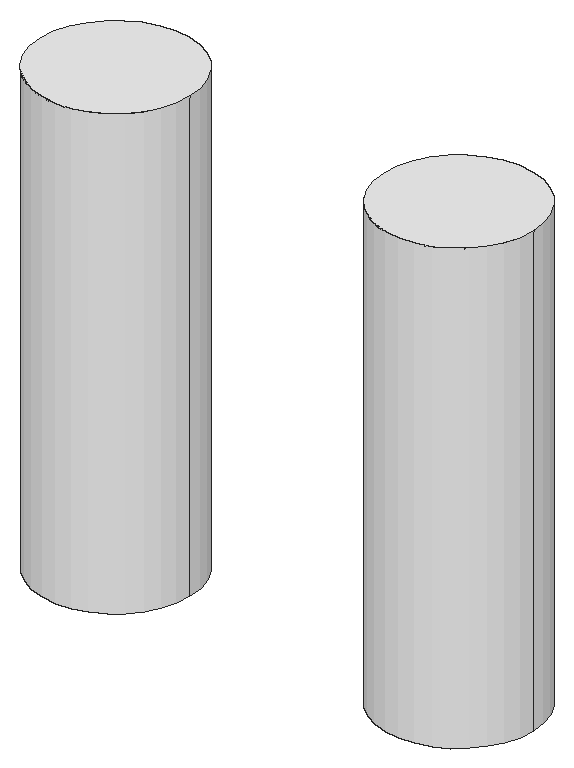
Revit family "5142229300056(2022)", category Plumbing Fixtures, Revit 2020
Family settings
  Round Connector Dimension = Use Diameter
  Part Type = Normal
  OmniClass Number = 23.45.55.00
  OmniClass Title = Sanitary Faucets, Wastes
  Work Plane-Based = No
  Always vertical = Yes
  Cut with Voids When Loaded = No
  Shared = No
  Room Calculation Point = No
Parameters (values of type "5142229300056 Washbasin faucet")
  Working Pressure = "50 - 1000 kPa "
  WarrantyStartDate [instance] = "n/a"
  WarrantyGuarantorParts = "n/a"
  WarrantyGuarantorLabor = "n/a"
  WarrantyDurationUnit = "Year"
  WarrantyDurationParts = "n/a"
  WarrantyDurationLabor = "n/a"
  WarrantyDescription = "http://warranty.hansa.com"
  Warranty Information URL = "http://warranty.hansa.com"
  VersionDate = "01/06/2023"
  Version = "1"
  ValvePattern = "n/a"
  ValveOperation = "n/a"
  ValveMechanism = "n/a"
  Uniclass2015Reference = "Pr_40_20_87_96"
  Uniclass2015Description = "Washbasin manual water supply sets"
  Uniclass2 = "Pr_40_30_96_96"
  URL UWL = "http://static.hansa.com/UWL/5142229300056"
  URL REACH = "http://static.hansa.com/doc/reach"
  URL Materials Declaration = "http://www.hansa.com/fileadmin/resources/166362_5142229300056_materialsdeclaration.pdf"
  URL KIWA SE Type Approval = "http://static.hansa.com/KIWASETypeApproval/5142229300056"
  URL KIWA SE Energy Mark = "http://static.hansa.com/KIWASEEnergyMark/5142229300056"
  URL Environmental Product Declaration EPD = "http://www.hansa.com/fileadmin/resources/184523_EPD_Washbasin faucet.pdf"
  URL EcoLabel Declaration = "http://static.hansa.com/doc/EcoLabel"
  URL EU Packaging Declaration = "http://static.hansa.com/doc/packaging"
  URL Declaration of SCIP = "http://static.hansa.com/doc/SCIP"
  URL Declaration of Conformity = "http://static.hansa.com/DoC/5142229300056"
  URL Declaration of Asbestos = "http://static.hansa.com/doc/asbestos"
  URL Declaration Of Performance (DOP) = "http://static.hansa.com/doc/DoP"
  URL = ""
  UNSPSC Class Number = "30181700 Faucets or taps"
  TestPressure = "n/a"
  Temperature Adjustments = "Limitation option for maximum temperature and flow-rate ;Energy saving variation - cold water in the middle position"
  Technical DataSheet URL = "http://www.hansa.com/datasheet/5142229300056/en"
  TagNumber [instance] = "n/a"
  SustainabilityPerformance = "n/a"
  Surface treatment = "Chrome"
  Spout Type = "Fixed spout"
  Spout Projection = "103 mm"
  Size = "137x48,5x137 mm"
  Shape = "Sculptured"
  SerialNumber [instance] = "n/a"
  Sales Package dimensions (LxWxH) = "540 x 146 x 59"
  Revision = "n/a"
  ReplacementCost = "n/a"
  ProductInformation = "n/a"
  Product URL = "http://static.hansa.com/5142229300056"
  Product Image URL = "http://static.hansa.com/image/5142229300056"
  Product Family = "HANSAPOLO Eco"
  Product Code = "5142229300056"
  OperatingMechanismMaterial = "n/a"
  NominalWidth = 48.5 mm
  NominalHeight = 137 mm
  NominalDepth = 137 mm
  Noise Class = "I (ISO 3822)"
  Name_en = "5142229300056 Washbasin faucet"
  Name = "5142229300056 Washbasin faucet"
  NBSReference = "45-35-70/371"
  NBSDescription = "Water supply fittings for wash basins and troughs"
  Mounting Holes = "1 hole"
  ModelReference = "5142229300056"
  ModelNumber = "n/a"
  Model = "5142229300056 Washbasin faucet"
  Mobile Product Information URL = "http://mpi.hansa.com/5142229300056"
  Mechanical Parts = "ø 35 mm ceramic eco cartridge for flow and temperature control"
  Max. Hot Water Supply = 70 °C
  Material = "Brass"
  Market = "International;Germany;Austria;Belgium;Netherlands;Czech Republic;Slovakia;Italy"
  ManufacturerURL = "http://www.hansa.com"
  ManufacturerName = "HANSA"
  Manufacturer = "HANSA"
  Lever Handle = "Single operating lever/handle;Hot/Cold symbols"
  Interactive AR View URL = "https://static.hansa.com/AR/5142229300056"
  InstallationDate [instance] = "n/a"
  Installation and Maintenance Guide URL = "http://static.hansa.com/manual/5142229300056"
  Installation Type = "Deck mounted"
  InletConnectionSize = 10 mm
  IfcExportType = "FAUCET"  # constant formula
  IfcExportAs = "IfcValveType"  # constant formula
  Group = "Washbasin faucet"
  Grade = "n/a"
  FlowCoefficient = 0
  Flow Rate At 300kPa With Flow Controller = 0.07 L/s
  Flow Drawing URL = "http://static.hansa.com/flowchart/5142229300056"
  Finish = "Polished"
  Features = "Single-lever;"
  FaucetMainMaterial = Brass
  FDV Document URL = "http://www.hansa.com/datasheet/5142229300056/en/fdv"
  Extensions = "Chain holder without chain"
  ExpectedLife = "n/a"
  Excluded Items = "Without pop-up waste;Without draw-rod opening"
  Eco Flow At 300kPa = 0.05 L/s
  ETIM Class Number = "EC011328 Washbasin mixing tap"
  EN Standard = "EN 817"
  EAN Number = "4057304018381"
  DurationUnit = "Year"
  Dimension Drawing URL = "http://static.hansa.com/dimdrw/5142229300056"
  Description = ""
  DefaultElevation [instance] = 900 mm
  Default Elevation = 0 mm
  Constituents = "Single lever"
  Connection Size = "G3/8"
  Connection = "Flexible inlet pipes"
  Color = "Chrome"
  CodePerformance = "n/a"
  CloseOffRating = 0
  Catalog Drawing URL = "http://static.hansa.com/catdrw/5142229300056"
  CO2 Emissions (D) = -4.36
  CO2 Emissions (C4) = 0.05
  CO2 Emissions (C3) = 0.01
  CO2 Emissions (C2) = 0.01
  CO2 Emissions (B7) = 927
  CO2 Emissions (A4) = 0.17
  CO2 Emissions (A1-A3) = 6.13
  Brand = "HANSA"
  BodyMaterial = "Brass"
  Barcode [instance] = "n/a"
  Backflow Prevention EN1717 = "AA"
  BIMObjectName = "5142229300056(2022)"
  Author = "BIMStone"
  AssetType = "Fixed"
  AssetIdentifier [instance] = "n/a"
  Approval KIWA SE Type Approval = "1441"
  Approval KIWA SE Energy Mark = "1536"
  Aerator = "PCA® - constant flow rate regardless of pressure variations"
  Advanced Features = "Inner body made of DZR brass"
  AccessibilityPerformance = "n/a"
  3D View = "https://static.hansa.com/AR/5142229300056"
  2D/3D/BIM Files URL = "http://static.hansa.com/bim/5142229300056"
Reference planes
  plane 1 "Center (Front/Back)": y = 0
  plane 2: z = 0
  plane 3 "Center (Left/Right)": x = 0
  plane 4: x = -24.25
  plane 5: z = 1037
  plane 6: z = 900
  plane 7: z = 870
  plane 8: y = -137
  plane 9: x = 24.25
Forms (mm)
  Extrusion 1, solid, material "Brass" <- "FaucetMainMaterial"
    sketch origin (0, 0, 0) x (1, 0, 0) y (0, 1, 0)
      loop
        circle (-11.5, -22.5) r 5
      loop
        circle (11.5, -22.5) r 5
    from 870 to 900
Dimensions and locks
  "NominalHeight": plane 5 to plane 6
  "DefaultElevation": plane 6 to level
  locked: plane 6 to plane 7 at 30
  "NominalDepth": plane 8 to plane 1 "Center (Front/Back)"
  equal spacing: plane 4, plane 3 "Center (Left/Right)", plane 9
  "NominalWidth": plane 4 to plane 9
  "InletConnectionSize": diameter of Extrusion 1 sketch curve  (x2)
  aligned and locked: level to plane 2
  aligned and locked: plane 6 to Extrusion 1
  aligned and locked: Extrusion 1 to plane 7
  aligned and locked: plane 1 "Center (Front/Back)" to nested 2
  aligned and locked: plane 3 "Center (Left/Right)" to nested 2
  aligned and locked: plane 6 to nested 2
Automatic sketch dimensions
  Extrusion 1 sketch curve to plane 3 "Center (Left/Right)" = 11.5 mm
  plane 3 "Center (Left/Right)" to Extrusion 1 sketch curve = 11.5 mm
  plane 1 "Center (Front/Back)" to Extrusion 1 sketch curve = 22.5 mm  (x2)
Nested families
  nested 1: "Symbol" at (0, 0, 0), type "Symbol", detail levels coarse
  nested 2: "5142229300056(2022)_p" at (0, 0, 900), type "5142229300056(2022)_p"
Connectors
  piping at (-11.5, -22.5, 870), diameter 10, driven by "InletConnectionSize"
    settings: on Extrusion 1, index 1, connector inside diameter 609.6 mm, connector length 0 mm, flow factor 0, pipe flow 0.07 L/s, pressure drop 0.0 Pa, fitting loss kfactor 0, connector angle 0.00°, fixture units 0, engagement length 0 mm, angle of deflection 0.00°, flow configuration 1, flow direction 1, fitting loss method 0, system type 19, joint type 0, gender type 0, connector reference index -1, connector utility 0, adjustable connector no, is connector primary yes, connector description ""
  piping at (11.5, -22.5, 870), diameter 10, driven by "InletConnectionSize"
    settings: on Extrusion 1, index 2, connector inside diameter 609.6 mm, connector length 0 mm, flow factor 0, pipe flow 0.07 L/s, pressure drop 0.0 Pa, fitting loss kfactor 0, connector angle 0.00°, fixture units 0, engagement length 0 mm, angle of deflection 0.00°, flow configuration 1, flow direction 1, fitting loss method 0, system type 20, joint type 0, gender type 0, connector reference index -1, connector utility 0, adjustable connector no, is connector primary no, connector description ""
Definition of nested family "Symbol"
  Reference planes
    plane 1: y = 0
    plane 2: x = 0
  Lines and regions (mm)
    detail lines
      curve 1: line (0, 0, 0) -> (0, -1.8, 0)
      curve 2: line (-0.4, -1.1, 0) -> (0.4, -1.1, 0)
      curve 3: line (-0.4, -1.4, 0) -> (0.4, -1.4, 0)
      curve 4: line (0.863, 0, 0) -> (-0.863, 0, 0)
      curve 5: circle (-1.163, 0, 0) r 0.3 normal (0, 0, -1)
      curve 6: circle (1.163, 0, 0) r 0.3 normal (0, 0, 1)
Definition of nested family "5142229300056(2022)_p"
  Parameters (values of type "5142229300056(2022)_p")
    NominalWidth = 48.5 mm
    NominalHeight = 137 mm
    NominalDepth = 137 mm
    InletConnectionSize = 10 mm
    FaucetMainMaterial = none
    Default Elevation = 0 mm
  Reference planes
    plane 1 "Center (Front/Back)": y = 0
    plane 2: z = 0
    plane 3 "Center (Left/Right)": x = 0
    plane 4: x = -24.25
    plane 5: z = 137
    plane 6: z = 0
    plane 7: y = -137
    plane 8: x = 24.25
  Forms (mm)
    Extrusion 1, solid, material <- "FaucetMainMaterial", detail levels medium
      sketch origin (0, 0, -900) x (0, 1, 0) y (0, 0, 1)
        loop
          line (-11.837, 1037) -> (-124.122, 1037) -> (-122.074, 1028.126) -> (-62.2, 1027.177)
          arc (-62.2, 1027.177) -> (-58.651, 1025.78) -> (-57.131, 1022.282) r 4.983
          line (-57.131, 1022.282) -> (-56.683, 996.618) -> (-137, 989.601) -> (-137, 987.69) -> (-131.699, 983.242) -> (-135.856, 977.305) -> (-116.182, 963.529) -> (-114.062, 966.556) -> (-77.551, 967.193)
          arc (-77.551, 967.193) -> (-59.309, 959.809) -> (-50.685, 942.118) r 27.474
          line (-50.685, 942.118) -> (-47, 900) -> (0, 900) -> (-11.837, 1037)
      from -24.25 to 24.25
    Extrusion 2, solid, material <- "FaucetMainMaterial", detail levels coarse
      sketch origin (0, 0, -900) x (1, 0, 0) y (0, 1, 0)
        loop
          line (-24.25, 0) -> (-24.25, -137) -> (24.25, -137) -> (24.25, 0) -> (-24.25, 0)
      from 900 to 1037
  Lines and regions (mm)
    symbolic lines, detail levels medium+fine
      curve 1: line (0, 0, 0) -> (-23.5, 0, 0)
      curve 2: line (-23.5, 0, 0) -> (-23.5, 0, 98.12)
      curve 3: spline (-24.25, 0, 102.285) -> (-24.238, 0, 102.205) -> (-24.201, 0, 102.125) -> (-24.14, 0, 102.045) -> (-24.055, 0, 101.966) -> (-23.945, 0, 101.886) -> (-23.812, 0, 101.808) -> (-23.654, 0, 101.729) -> (-23.472, 0, 101.651) -> (-23.267, 0, 101.574) -> (-23.039, 0, 101.498) -> (-22.787, 0, 101.422) -> (-22.512, 0, 101.347)
      curve 4: arc (-24.25, 0, 102.285) -> (-23.247, 0, 117.942) -> (-21.807, 0, 133.565) r 561.53
      curve 5: line (-20.482, 0, 135.174) -> (-14.32, 0, 136.261)
      curve 6: arc (-14.32, 0, 136.261) -> (-9.879, 0, 136.835) -> (-5.404, 0, 137) r 48.793
      curve 7: line (-5.404, 0, 137) -> (0, 0, 137)
      curve 9: line (0, 0, 0) -> (23.5, 0, 0)
      curve 10: line (23.5, 0, 0) -> (23.5, 0, 98.12)
      curve 11: spline (24.25, 0, 102.285) -> (24.238, 0, 102.205) -> (24.201, 0, 102.125) -> (24.14, 0, 102.045) -> (24.055, 0, 101.966) -> (23.945, 0, 101.886) -> (23.812, 0, 101.808) -> (23.654, 0, 101.729) -> (23.472, 0, 101.651) -> (23.267, 0, 101.574) -> (23.039, 0, 101.498) -> (22.787, 0, 101.422) -> (22.512, 0, 101.347)
      curve 12: arc (24.249, 0, 102.311) -> (23.246, 0, 117.955) -> (21.807, 0, 133.565) r 561.53
      curve 13: line (20.482, 0, 135.174) -> (14.32, 0, 136.261)
      curve 14: arc (14.32, 0, 136.261) -> (9.879, 0, 136.835) -> (5.404, 0, 137) r 48.793
      curve 15: line (5.404, 0, 137) -> (0, 0, 137)
      curve 16: line (-22.633, 0, 98.988) -> (-22.512, 0, 101.347)
      curve 17: line (22.633, 0, 98.988) -> (22.512, 0, 101.347)
      curve 18: arc (-22.633, 0, 98.988) -> (-23.246, 0, 98.734) -> (-23.5, 0, 98.12) r 0.867
      curve 19: arc (22.633, 0, 98.988) -> (23.246, 0, 98.734) -> (23.5, 0, 98.12) r 0.867
      curve 20: arc (-20.482, 0, 135.174) -> (-21.441, 0, 134.614) -> (-21.807, 0, 133.565) r 1.605
      curve 21: arc (20.482, 0, 135.174) -> (21.441, 0, 134.614) -> (21.807, 0, 133.565) r 1.605
      curve 59: line (0, 0, 0) -> (0, -47, 0)
      curve 60: line (0, -47, 0) -> (0, -50.685, 42.118)
      curve 61: arc (0, -50.685, 42.118) -> (0, -59.309, 59.809) -> (0, -77.551, 67.193) r 27.474
      curve 62: line (0, -77.551, 67.193) -> (0, -109.985, 66.627)
      curve 63: arc (0, -109.985, 66.627) -> (0, -111.706, 66.9) -> (0, -113.23, 67.744) r 5.017
      curve 65: line (0, -136.087, 89.68) -> (0, -56.683, 96.618)
      curve 66: line (0, -56.683, 96.618) -> (0, -57.131, 122.282)
      curve 67: arc (0, -57.131, 122.282) -> (0, -58.651, 125.78) -> (0, -62.2, 127.177) r 4.983
      curve 68: line (0, -62.2, 127.177) -> (0, -118.76, 128.074)
      curve 69: arc (0, -118.76, 128.074) -> (0, -121.312, 128.98) -> (0, -122.794, 131.248) r 4.237
      curve 70: line (0, -122.794, 131.248) -> (0, -123.357, 133.686)
      curve 71: arc (0, -123.357, 133.686) -> (0, -123.101, 134.795) -> (0, -122.07, 135.277) r 1.299
      curve 72: line (0, -122.07, 135.277) -> (0, -83.546, 136.623)
      curve 73: arc (0, -83.546, 136.623) -> (0, -75.229, 136.862) -> (0, -66.91, 137) r 680.589
      curve 74: arc (0, -66.91, 137) -> (0, -40.52, 136.693) -> (0, -14.169, 135.22) r 597.328
      curve 75: arc (0, -14.169, 135.22) -> (0, -13.191, 134.767) -> (0, -12.746, 133.786) r 1.547
      curve 76: line (0, -12.746, 133.786) -> (0, -9.744, 114.834)
      curve 77: line (0, -9.744, 114.834) -> (0, -15.314, 111.619)
      curve 78: arc (0, -15.314, 111.619) -> (0, -12.568, 106.368) -> (0, -11.235, 100.594) r 23.302
      curve 79: arc (0, -137, 88.684) -> (0, -136.737, 89.36) -> (0, -136.087, 89.68) r 1
      curve 80: arc (0, -137, 88.156) -> (0, -136.906, 87.733) -> (0, -136.643, 87.39) r 1
      curve 81: line (0, -137, 88.684) -> (0, -137, 88.156)
      curve 82: line (0, -116.182, 63.529) -> (0, -135.856, 77.305)
      curve 83: line (0, -131.699, 83.242) -> (0, -135.856, 77.305)
      curve 84: line (0, -113.23, 67.744) -> (0, -116.182, 63.529)
      curve 85: line (0, -131.699, 83.242) -> (0, -136.643, 87.39)
      curve 89: line (0, -11.235, 100.594) -> (0, -8.819, 100.805)
      curve 91: line (0, -137, 0) -> (-6.831, -137, 0)
      curve 92: arc (-6.831, -137, 0) -> (-9.954, -136.71, 0) -> (-12.97, -135.849, 0) r 16.95
      curve 93: arc (-12.97, -135.849, 0) -> (-13.9, -135.32, 0) -> (-14.637, -134.545, 0) r 3.659
      curve 94: arc (-14.637, -134.545, 0) -> (-15.74, -132.603, 0) -> (-16.449, -130.485, 0) r 11.565
      curve 95: line (-16.449, -130.485, 0) -> (-22.722, -40.776, 0)
      curve 96: line (0, -137, 0) -> (6.831, -137, 0)
      curve 97: arc (6.831, -137, 0) -> (9.954, -136.71, 0) -> (12.97, -135.849, 0) r 16.95
      curve 98: arc (12.97, -135.849, 0) -> (13.9, -135.32, 0) -> (14.637, -134.545, 0) r 3.659
      curve 99: arc (14.637, -134.545, 0) -> (15.74, -132.603, 0) -> (16.449, -130.485, 0) r 11.565
      curve 100: line (16.449, -130.485, 0) -> (22.722, -40.776, 0)
      curve 102: spline (23.357, -26.09, 0) -> (23.666, -27.298, 0) -> (23.911, -28.52, 0) -> (24.09, -29.752, 0) -> (24.203, -30.993, 0) -> (24.249, -32.237, 0) -> (24.228, -33.482, 0) -> (24.141, -34.725, 0) -> (23.988, -35.961, 0) -> (23.769, -37.187, 0) -> (23.484, -38.401, 0) -> (23.135, -39.598, 0) -> (22.722, -40.776, 0)
      curve 103: arc (23.357, -26.09, 0) -> (0, 0, 0) -> (-23.357, -26.09, 0) r 23.5
      curve 112: spline (-22.722, -40.776, 0) -> (-23.135, -39.598, 0) -> (-23.484, -38.401, 0) -> (-23.769, -37.187, 0) -> (-23.988, -35.961, 0) -> (-24.141, -34.725, 0) -> (-24.228, -33.482, 0) -> (-24.249, -32.237, 0) -> (-24.203, -30.993, 0) -> (-24.09, -29.752, 0) -> (-23.911, -28.52, 0) -> (-23.666, -27.298, 0) -> (-23.357, -26.09, 0)
      curve 117: line (0, 0, 0) -> (0, -8.819, 100.805)
    symbolic lines, detail levels fine
      curve 8: spline (-22.512, 0, 101.347) -> (-19.863, 0, 100.838) -> (-16.168, 0, 100.405) -> (-11.62, 0, 100.071) -> (-6.46, 0, 99.854) -> (-0.96, 0, 99.765) -> (4.591, 0, 99.808) -> (9.899, 0, 99.982) -> (14.687, 0, 100.278) -> (18.7, 0, 100.679) -> (21.728, 0, 101.165) -> (23.611, 0, 101.71) -> (24.25, 0, 102.285)
      curve 22: line (-15.899, 0, 134.548) -> (-15.72, 0, 131.125)
      curve 23: arc (-15.72, 0, 131.125) -> (-14.393, 0, 128.344) -> (-11.489, 0, 127.315) r 4.026
      curve 24: line (-11.489, 0, 127.315) -> (0, 0, 127.315)
      curve 25: arc (-14.32, 0, 136.261) -> (-15.47, 0, 135.737) -> (-15.899, 0, 134.548) r 1.629
      curve 26: line (15.899, 0, 134.548) -> (15.72, 0, 131.125)
      curve 27: arc (15.72, 0, 131.125) -> (14.393, 0, 128.344) -> (11.489, 0, 127.315) r 4.026
      curve 28: line (11.489, 0, 127.315) -> (0, 0, 127.315)
      curve 29: arc (14.32, 0, 136.261) -> (15.47, 0, 135.737) -> (15.899, 0, 134.548) r 1.629
      curve 30: spline (-22.633, 0, 98.988) -> (-21.861, 0, 98.451) -> (-19.6, 0, 97.951) -> (-16.004, 0, 97.522) -> (-11.316, 0, 97.193) -> (-5.858, 0, 96.986) -> (0, 0, 96.915) -> (5.858, 0, 96.986) -> (11.316, 0, 97.193) -> (16.004, 0, 97.522) -> (19.6, 0, 97.951) -> (21.861, 0, 98.451) -> (22.633, 0, 98.988)
      curve 31: spline (10.604, 0, 69.362) -> (10.649, 0, 71.152) -> (9.811, 0, 72.875) -> (8.158, 0, 74.388) -> (5.828, 0, 75.566) -> (3.015, 0, 76.31) -> (-0.049, 0, 76.56) -> (-3.108, 0, 76.294) -> (-5.91, 0, 75.535) -> (-8.221, 0, 74.345) -> (-9.85, 0, 72.823) -> (-10.662, 0, 71.096) -> (-10.589, 0, 69.307)
      curve 32: line (-10.74, 0, 70.347) -> (-10.74, 0, 77.121)
      curve 33: line (10.74, 0, 70.347) -> (10.74, 0, 77.121)
      curve 34: spline (-10.74, 0, 70.633) -> (-11.115, 0, 71.144) -> (-11.425, 0, 71.671) -> (-11.668, 0, 72.211) -> (-11.842, 0, 72.761) -> (-11.948, 0, 73.317) -> (-11.983, 0, 73.877) -> (-11.948, 0, 74.437) -> (-11.842, 0, 74.993) -> (-11.668, 0, 75.543) -> (-11.425, 0, 76.083) -> (-11.115, 0, 76.61) -> (-10.74, 0, 77.121)
      curve 35: line (-11.983, 0, 73.877) -> (-11.983, 0, 76.203)
      curve 36: line (11.983, 0, 73.877) -> (11.983, 0, 76.203)
      curve 37: spline (-11.983, 0, 76.203) -> (-11.574, 0, 78.096) -> (-10.377, 0, 79.86) -> (-8.473, 0, 81.375) -> (-5.991, 0, 82.538) -> (-3.101, 0, 83.269) -> (0, 0, 83.518) -> (3.101, 0, 83.269) -> (5.991, 0, 82.538) -> (8.473, 0, 81.375) -> (10.377, 0, 79.86) -> (11.574, 0, 78.096) -> (11.983, 0, 76.203)
      curve 38: spline (-10.74, 0, 77.121) -> (-9.578, 0, 78.273) -> (-8.088, 0, 79.275) -> (-6.321, 0, 80.092) -> (-4.338, 0, 80.696) -> (-2.207, 0, 81.067) -> (0, 0, 81.192) -> (2.207, 0, 81.067) -> (4.338, 0, 80.696) -> (6.321, 0, 80.092) -> (8.088, 0, 79.275) -> (9.578, 0, 78.273) -> (10.74, 0, 77.121)
      curve 39: spline (10.74, 0, 77.121) -> (11.115, 0, 76.61) -> (11.425, 0, 76.083) -> (11.668, 0, 75.543) -> (11.842, 0, 74.993) -> (11.948, 0, 74.437) -> (11.983, 0, 73.877) -> (11.948, 0, 73.317) -> (11.842, 0, 72.761) -> (11.668, 0, 72.211) -> (11.425, 0, 71.671) -> (11.115, 0, 71.144) -> (10.74, 0, 70.633)
      curve 40: line (-23.5, 0, 98.12) -> (-17.681, 0, 88.808)
      curve 41: line (-17.681, 0, 88.808) -> (-16.86, 0, 87.495)
      curve 42: arc (-16.86, 0, 87.495) -> (-15.964, 0, 86.671) -> (-14.772, 0, 86.423) r 2.289
      curve 43: line (-3.71, 0, 87.138) -> (-14.772, 0, 86.423)
      curve 44: arc (-3.71, 0, 87.138) -> (-1.858, 0, 87.301) -> (0, 0, 87.355) r 31.816
      curve 45: line (23.5, 0, 98.12) -> (16.86, 0, 87.494)
      curve 46: arc (16.86, 0, 87.494) -> (15.963, 0, 86.67) -> (14.77, 0, 86.422) r 2.29
      curve 47: line (3.71, 0, 87.138) -> (14.77, 0, 86.422)
      curve 48: arc (3.71, 0, 87.138) -> (1.858, 0, 87.301) -> (0, 0, 87.355) r 31.816
      curve 49: line (-23.5, 0, 88.518) -> (-18.651, 0, 77.627)
      curve 50: arc (-18.651, 0, 77.627) -> (-15.357, 0, 72.753) -> (-10.589, 0, 69.307) r 16.858
      curve 51: line (23.5, 0, 88.518) -> (18.651, 0, 77.627)
      curve 52: arc (18.651, 0, 77.627) -> (15.357, 0, 72.753) -> (10.589, 0, 69.307) r 16.858
      curve 53: line (-17.103, 0, 84.092) -> (-17.368, 0, 80.229)
      curve 54: arc (-17.368, 0, 80.229) -> (-16.589, 0, 75.346) -> (-13.751, 0, 71.296) r 11.008
      curve 55: arc (-14.772, 0, 86.423) -> (-16.42, 0, 85.741) -> (-17.103, 0, 84.092) r 2.331
      curve 56: line (17.103, 0, 84.092) -> (17.368, 0, 80.229)
      curve 57: arc (17.368, 0, 80.229) -> (16.589, 0, 75.346) -> (13.751, 0, 71.296) r 11.008
      curve 58: arc (14.772, 0, 86.423) -> (16.42, 0, 85.741) -> (17.103, 0, 84.092) r 2.331
      curve 64: line (0, -113.23, 67.744) -> (0, -131.699, 83.242)
      curve 86: line (0, -15.314, 111.619) -> (0, -31.179, 102.459)
      curve 87: line (0, -56.746, 100.222) -> (0, -31.179, 102.459)
      curve 88: line (0, -56.683, 96.618) -> (0, -11.235, 100.594)
      curve 90: spline (-16.871, -49.542, 0) -> (-17.505, -48.918, 0) -> (-18.114, -48.272, 0) -> (-18.699, -47.604, 0) -> (-19.258, -46.915, 0) -> (-19.791, -46.206, 0) -> (-20.296, -45.479, 0) -> (-20.774, -44.734, 0) -> (-21.223, -43.971, 0) -> (-21.643, -43.194, 0) -> (-22.033, -42.401, 0) -> (-22.393, -41.595, 0) -> (-22.722, -40.776, 0)
      curve 101: spline (-23.357, -26.09, 0) -> (-21.412, -21.325, 0) -> (-18.468, -17.081, 0) -> (-14.662, -13.556, 0) -> (-10.172, -10.913, 0) -> (-5.207, -9.276, 0) -> (0, -8.722, 0) -> (5.207, -9.276, 0) -> (10.172, -10.913, 0) -> (14.662, -13.556, 0) -> (18.468, -17.081, 0) -> (21.412, -21.325, 0) -> (23.357, -26.09, 0)
      curve 104: line (0, -123.45, 0) -> (-5, -123.45, 0)
      curve 105: arc (-5, -123.45, 0) -> (-8.178, -122.739, 0) -> (-10.749, -120.742, 0) r 7.456
      curve 106: arc (-10.749, -120.742, 0) -> (-11.709, -119.136, 0) -> (-12.144, -117.316, 0) r 6.19
      curve 107: line (-12.144, -117.316, 0) -> (-15.964, -54.466, 0)
      curve 108: line (0, -123.45, 0) -> (5, -123.45, 0)
      curve 109: arc (5, -123.45, 0) -> (8.178, -122.739, 0) -> (10.749, -120.742, 0) r 7.456
      curve 110: arc (10.749, -120.742, 0) -> (11.709, -119.136, 0) -> (12.144, -117.316, 0) r 6.19
      curve 111: line (12.144, -117.316, 0) -> (15.964, -54.466, 0)
      curve 113: spline (22.722, -40.776, 0) -> (22.393, -41.595, 0) -> (22.033, -42.401, 0) -> (21.643, -43.194, 0) -> (21.223, -43.971, 0) -> (20.774, -44.734, 0) -> (20.296, -45.479, 0) -> (19.791, -46.206, 0) -> (19.258, -46.915, 0) -> (18.699, -47.604, 0) -> (18.114, -48.272, 0) -> (17.505, -48.918, 0) -> (16.871, -49.542, 0)
      curve 114: spline (18.875, -45.082, 0) -> (21.467, -38.062, 0) -> (21.469, -30.592, 0) -> (18.881, -23.572, 0) -> (14.014, -17.848, 0) -> (7.457, -14.112, 0) -> (0, -12.815, 0) -> (-7.457, -14.112, 0) -> (-14.014, -17.848, 0) -> (-18.881, -23.572, 0) -> (-21.469, -30.592, 0) -> (-21.467, -38.062, 0) -> (-18.875, -45.082, 0)
      curve 115: arc (-15.964, -54.466, 0) -> (-16.854, -49.598, 0) -> (-18.875, -45.082, 0) r 20.664
      curve 116: arc (15.964, -54.466, 0) -> (16.854, -49.598, 0) -> (18.875, -45.082, 0) r 20.664
      curve 118: spline (-10.589, 0, 69.307) -> (-9.881, 0, 67.912) -> (-8.633, 0, 66.65) -> (-6.911, 0, 65.59) -> (-4.812, 0, 64.791) -> (-2.448, 0, 64.297) -> (0.049, 0, 64.133) -> (2.543, 0, 64.31) -> (4.898, 0, 64.817) -> (6.986, 0, 65.627) -> (8.69, 0, 66.695) -> (9.919, 0, 67.964) -> (10.604, 0, 69.362)
  Dimensions and locks
    aligned and locked: level to plane 2
    aligned and locked: plane 6 to import instance
    aligned and locked: Extrusion 2 to plane 6
    aligned and locked: plane 5 to Extrusion 2
